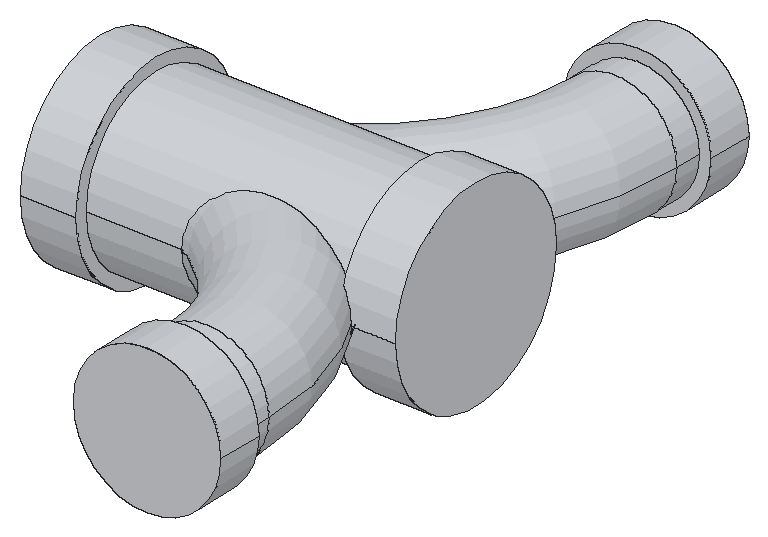
Revit family "M_T de redução com curva longa de esgoto duplo - PVC - Sch 40 - DWV", category Conexões de tubo, Revit 2019
Family settings
  Cota do conector redondo = Usar raio
  Tipo de parte = Cruzeta
  Número OmniClass = 23.60.30.11.14
  Título OmniClass = Pipework Fittings
  ID de item do Seek = Tee Reducing Long Sweep Double Sanitary - PVC - Sch 40 - DWV-0000-CAN-ENU
  Com base no plano de trabalho = Não
  Sempre na vertical = Sim
  Corte com vazios quando carregada = Não
  Compartilhado = Não
Parameters (values of type "Padrão")
  Espessura da parede 2 [instance] = size_lookup(Nome da tabela de pesquisa, "WThk", 0.02 * Diâmetro nominal 2 + 3.274 mm, Diâmetro nominal 2)  # 3.914 mm
  Espessura da parede 1 [instance] = size_lookup(Nome da tabela de pesquisa, "WThk", 0.02 * Diâmetro nominal 1 + 3.274 mm, Diâmetro nominal 1)  # 3.962 mm
  Tamanho da marca de cota 2 [instance] = Diâmetro externo da conexão 2 * 0.4  # 16.963 mm
  Tamanho da marca de cota 1 [instance] = Diâmetro externo da conexão 1 * 0.4  # 24.13 mm
  Raio externo do soquete 2 [instance] = Diâmetro externo do soquete 2 / 2  # 25.267 mm
  Raio externo do soquete 1 [instance] = Diâmetro externo do soquete 1 / 2  # 34.315 mm
  Diâmetro externo do soquete 2 [instance] = Diâmetro da entrada do soquete 2 + Espessura da parede 2 * 2  # 50.534 mm
  Diâmetro externo do soquete 1 [instance] = Diâmetro da entrada do soquete 1 + Espessura da parede 1 * 2  # 68.631 mm
  Diâmetro da entrada do soquete 2 [instance] = size_lookup(Nome da tabela de pesquisa, "SED", 1.04 * Diâmetro nominal 2 + 9.426 mm, Diâmetro nominal 2)  # 42.706 mm
  Diâmetro da entrada do soquete 1 [instance] = size_lookup(Nome da tabela de pesquisa, "SED", 1.04 * Diâmetro nominal 1 + 9.426 mm, Diâmetro nominal 1)  # 60.706 mm
  Profundidade do soquete 2 [instance] = size_lookup(Nome da tabela de pesquisa, "SDpt", 0.5 * Diâmetro nominal 2, Diâmetro nominal 2)  # 16 mm
  Profundidade do soquete 1 [instance] = size_lookup(Nome da tabela de pesquisa, "SDpt", 0.5 * Diâmetro nominal 1, Diâmetro nominal 1)  # 19.05 mm
  Execução do inferior do soquete até o inferior do soquete [instance] = size_lookup(Nome da tabela de pesquisa, "SBtSBR", 0.03 * Diâmetro nominal 1 + 1.96 * Diâmetro nominal 2 + 12.402 mm, Diâmetro nominal 1, Diâmetro nominal 2)  # 77.788 mm
  Raio 4 [instance] = Raio externo da conexão 2  # 21.204 mm
  Raio 3 [instance] = Raio externo da conexão 2  # 21.204 mm
  Raio 2 [instance] = Raio externo da conexão 2  # 21.204 mm
  Raio 1 [instance] = Raio externo da conexão 2  # 21.204 mm
  Raio nominal 2 [instance] = 16 mm
  Diâmetro nominal 2 [instance] = Raio nominal 2 * 2  # 32 mm
  Ângulo mínimo 12 [instance] = if(Ângulo 1 < Ângulo 2, Ângulo 1, Ângulo 2)  # 90.00°
  Método de perda = Não definido
  Nome da tabela de pesquisa = "M_Tee Reducing Long Sweep Double Sanitary - PVC - Sch 40 - DWV"
  Comprimento 9 [instance] = if(Comprimento 7 > Raio externo do soquete 1, Profundidade do soquete 2, if((Raio externo do soquete 2 * cos(Ângulo 2) + Raio externo do soquete 1 - Comprimento 5) / sin(Ângulo 2) > 3.175 mm, (Raio externo do soquete 2 * cos(Ângulo 2) + Raio externo do soquete 1 - Comprimento 5) / sin(Ângulo 2), 3.175 mm))  # 16 mm
  Comprimento 8 [instance] = if(Comprimento 6 > Raio externo do soquete 1, Profundidade do soquete 2, if((Raio externo do soquete 2 * cos(Ângulo 1) + Raio externo do soquete 1 - Comprimento 4) / sin(Ângulo 1) > 3.175 mm, (Raio externo do soquete 2 * cos(Ângulo 1) + Raio externo do soquete 1 - Comprimento 4) / sin(Ângulo 1), 3.175 mm))  # 16 mm
  Comprimento 7 [instance] = Comprimento 5 - Raio externo do soquete 2 * cos(Ângulo 2)  # 87.312 mm
  Comprimento 6 [instance] = Comprimento 4 - Raio externo do soquete 2 * cos(Ângulo 1)  # 87.312 mm
  Comprimento 5 [instance] = Raio do centro 2 * (1 - cos(Ângulo 2))  # 87.313 mm
  Comprimento 4 [instance] = Raio do centro 1 * (1 - cos(Ângulo 1))  # 87.313 mm
  Comprimento 3 [instance] = if(Execução do inferior do soquete até o inferior do soquete - Execução do centro até o soquete inferior > 3.175 mm, Execução do inferior do soquete até o inferior do soquete - Execução do centro até o soquete inferior, 3.175 mm)  # 3.175 mm
  Comprimento 2 [instance] = 0 mm  # constant formula
  Comprimento 19 [instance] = if(Comprimento 9 = Profundidade do soquete 2, if(Ângulo 2 = 90.00°, -Execução do centro até o soquete inferior + Centro para ramificação inferior do soquete + Profundidade do soquete 2, Profundidade do soquete 2), Profundidade do soquete 2 + Comprimento 9)  # 25.525 mm
  Comprimento 18 [instance] = if(Comprimento 8 = Profundidade do soquete 2, if(Ângulo 1 = 90.00°, -Execução do centro até o soquete inferior + Centro para ramificação inferior do soquete + Profundidade do soquete 2, Profundidade do soquete 2), Profundidade do soquete 2 + Comprimento 8)  # 25.525 mm
  Comprimento 17 [instance] = Comprimento 12 + 4572 mm  # 4659.312 mm
  Comprimento 16 [instance] = Comprimento 10 + 4572 mm  # 4659.312 mm
  Comprimento 15 [instance] = if(Ângulo mínimo 12 < 90.00°, if(Legenda da execução do centro até o soquete inferior + Comprimento 3 > Comprimento 14, Comprimento 3, Comprimento 14 - Legenda da execução do centro até o soquete inferior), Comprimento 3)  # 3.175 mm
  Comprimento 14 [instance] = if(Comprimento 10 > Comprimento 12, Comprimento 10 - cos(Ângulo 1) * Profundidade do soquete 2 + Raio externo do soquete 2 * sin(Ângulo 1), Comprimento 12 - cos(Ângulo 2) * Profundidade do soquete 2 + Raio externo do soquete 2 * sin(Ângulo 2))  # 112.58 mm
  Comprimento 13 [instance] = Comprimento 5 + (Comprimento 19) * sin(Ângulo 2)  # 112.838 mm
  Comprimento 12 [instance] = if(Comprimento 7 > Raio externo do soquete 1, Raio do centro 2 * sin(Ângulo 2) + Profundidade do soquete 2 * cos(Ângulo 2), Raio do centro 2 * sin(Ângulo 2) + (Comprimento 9 + Profundidade do soquete 2) * cos(Ângulo 2))  # 87.313 mm
  Comprimento 11 [instance] = Comprimento 4 + (Comprimento 18) * sin(Ângulo 1)  # 112.838 mm
  Comprimento 10 [instance] = if(Comprimento 6 > Raio externo do soquete 1, Raio do centro 1 * sin(Ângulo 1) + Profundidade do soquete 2 * cos(Ângulo 1), Raio do centro 1 * sin(Ângulo 1) + (Comprimento 8 + Profundidade do soquete 2) * cos(Ângulo 1))  # 87.313 mm
  Comprimento 1 [instance] = if(Raio externo da conexão 2 * tan(Ângulo 1 / 2) > Raio externo da conexão 2 * tan(Ângulo 2 / 2), Raio externo da conexão 2 * tan(Ângulo 1 / 2), Raio externo da conexão 2 * tan(Ângulo 2 / 2))  # 21.204 mm
  Raio do centro 1 [instance] = Legenda da execução do centro até o soquete inferior / tan(Ângulo 1 / 2)  # 87.313 mm
  Raio nominal 1 [instance] = 25 mm
  Diâmetro nominal 1 [instance] = Raio nominal 1 * 2  # 50 mm
  Raio do centro 2 [instance] = Legenda da execução do centro até o soquete inferior / tan(Ângulo 2 / 2)  # 87.313 mm
  Legenda da execução do centro até o soquete inferior [instance] = if(Comprimento 1 < Execução do centro até o soquete inferior, Execução do centro até o soquete inferior, Comprimento 1 + 3.175 mm)  # 87.313 mm
  Raio externo da conexão 2 [instance] = Diâmetro externo da conexão 2 / 2  # 21.204 mm
  Raio externo da conexão 1 [instance] = Diâmetro externo da conexão 1 / 2  # 30.163 mm
  Diâmetro externo da conexão 2 [instance] = size_lookup(Nome da tabela de pesquisa, "FOD", 1.04 * Diâmetro nominal 2 + 9.128 mm, Diâmetro nominal 2)  # 42.408 mm
  Diâmetro externo da conexão 1 [instance] = size_lookup(Nome da tabela de pesquisa, "FOD", 1.04 * Diâmetro nominal 1 + 9.128 mm, Diâmetro nominal 1)  # 60.325 mm
  Execução do centro até o soquete inferior [instance] = size_lookup(Nome da tabela de pesquisa, "CtSBR", -0.012 * Diâmetro nominal 1 + 2.43 * Diâmetro nominal 2 + 8.93 mm, Diâmetro nominal 1, Diâmetro nominal 2)  # 87.313 mm
  Centro para ramificação inferior do soquete [instance] = size_lookup(Nome da tabela de pesquisa, "CtSBB", 0.48 * Diâmetro nominal 1 + 1.92 * Diâmetro nominal 2 + 9.624 mm, Diâmetro nominal 1, Diâmetro nominal 2)  # 96.838 mm
  Ângulo 2 [instance] = 90.00°
  Ângulo 1 [instance] = 90.00°
Reference planes
  plane 1 "Centro (Frente/Trás)": y = 0
  plane 2: z = 0
  plane 3 "Centro (Esquerda/Direita)": x = 0
  plane 4: x = -87.312
  plane 5: y = 87.312
  plane 6: y = -87.313
  plane 7: x = -87.312
  plane 8: x = 3.175
  plane 9: x = -106.362
  plane 10: x = 22.225
  plane 11: x = -4659.312
  plane 12: y = -112.838
  plane 13: x = 0
  plane 14: y = 112.837
  plane 15: x = 0
Forms (mm)
  Sweep 1, solid, detail levels fine
    path in 3D
      loop
        line (3.175, 0, 0) -> (22.225, 0, 0)
    profile origin (12.7, 0, 0) x (0, 1, 0) y (0, 0, 1)
      loop
        circle (0, 0) r 34.315
  Blend 2, solid, detail levels fine
    base sketch origin (0, 0, 0) x (0, 1, 0) y (0, 0, 1)
      loop
        circle (0, 0) r 30.163
    top sketch origin (0, 0, 0) x (0, 1, 0) y (0, 0, 1)
      loop
        circle (0, 0) r 30.163
    from -87.313 to 3.175
  Sweep 3, solid, detail levels fine
    path in 3D
      loop
        arc (-87.312, 0, 0) -> (-25.573, -25.573, 0) -> (0, -87.313, 0) r 87.312
    profile origin (-25.573, -25.573, 0) x (0.707107, 0.707107, 0) y (0, 0, 1)
      loop
        circle (0, 0) r 21.204
  Sweep 4, solid, detail levels fine
    path in 3D
      loop
        arc (-87.312, 0, 0) -> (-25.573, 25.573, 0) -> (0, 87.312, 0) r 87.313
    profile origin (-25.573, 25.573, 0) x (-0.707107, 0.707107, 0) y (0, 0, 1)
      loop
        circle (0, 0) r 21.204
  Sweep 5, solid, detail levels fine
    path in 3D
      loop
        line (0, 112.837, 0) -> (0, 87.312, 0)
    profile origin (0, 100.075, 0) x (1, 0, 0) y (0, 0, 1)
      loop
        circle (0, 0) r 21.204
  Sweep 6, solid, detail levels fine
    path origin (0, 0, 0) x (1, 0, 0) y (0, 1, 0)
      loop
        line (0, 112.837) -> (0, 96.837)
    profile origin (0, 104.837, 0) x (1, 0, 0) y (0, 0, 1)
      loop
        circle (0, 0) r 25.267
  Sweep 7, solid, detail levels fine
    path in 3D
      loop
        line (0, -112.838, 0) -> (0, -87.313, 0)
    profile origin (0, -100.075, 0) x (-1, 0, 0) y (0, 0, 1)
      loop
        circle (0, 0) r 21.204
  Sweep 8, solid, detail levels fine
    path origin (0, 0, 0) x (1, 0, 0) y (0, 1, 0)
      loop
        line (0, -112.838) -> (0, -96.838)
    profile origin (0, -104.838, 0) x (-1, 0, 0) y (0, 0, 1)
      loop
        circle (0, 0) r 25.267
  Sweep 9, solid, detail levels fine
    path in 3D
      loop
        line (-106.362, 0, 0) -> (-87.312, 0, 0)
    profile origin (-96.837, 0, 0) x (0, 1, 0) y (0, 0, 1)
      loop
        circle (0, 0) r 34.315
Cuts and joins
  joined: Sweep 1, Blend 2, Sweep 9
  joined: Sweep 4, Sweep 5, Sweep 6
  joined: Sweep 3, Sweep 7, Sweep 8
Lines and regions (mm)
  model lines, detail levels coarse+medium
    curve 1: line (3.175, 0, 0) -> (22.225, 0, 0)
    curve 3: line (-106.362, 0, 0) -> (-106.362, 24.13, 0)
    curve 4: line (-106.362, 0, 0) -> (-106.362, -24.13, 0)
    curve 5: line (22.225, 0, 0) -> (22.225, 24.13, 0)
    curve 6: line (22.225, 0, 0) -> (22.225, -24.13, 0)
    curve 8: line (-106.362, 0, 0) -> (-87.312, 0, 0)
    curve 9: line (-87.312, 0, 0) -> (3.175, 0, 0)
    curve 10: arc (-87.312, 0, 0) -> (-25.573, -25.573, 0) -> (0, -87.313, 0) r 87.312
    curve 11: line (0, -112.838, 0) -> (0, -87.313, 0)
    curve 12: arc (-87.312, 0, 0) -> (-25.573, 25.573, 0) -> (0, 87.312, 0) r 87.313
    curve 13: line (0, -112.838, 0) -> (16.963, -112.838, 0)
    curve 14: line (0, -112.838, 0) -> (-16.963, -112.838, 0)
    curve 15: line (0, 112.837, 0) -> (0, 87.312, 0)
    curve 16: line (0, 112.837, 0) -> (16.963, 112.837, 0)
    curve 17: line (0, 112.837, 0) -> (-16.963, 112.837, 0)
  sketch lines
    curve 2: line (3.175, 0, 0) -> (22.225, 0, 0)
    curve 18: arc (-87.312, 0, 0) -> (-25.573, -25.573, 0) -> (0, -87.313, 0) r 87.312
    curve 19: arc (-87.312, 0, 0) -> (-25.573, 25.573, 0) -> (0, 87.312, 0) r 87.313
    curve 20: line (0, 112.837, 0) -> (0, 87.312, 0)
    curve 21: line (0, -112.838, 0) -> (0, -87.313, 0)
    curve 22: line (-106.362, 0, 0) -> (-87.312, 0, 0)
  reference lines
    curve 7: line (-106.362, 0, 0) -> (-87.312, 0, 0)
Dimensions and locks
  "Legenda da execução do centro até o soquete inferior": plane 4 to plane 3 "Centro (Esquerda/Direita)"
  "Raio do centro 2": plane 5 to plane 1 "Centro (Frente/Trás)"
  "Raio do centro 1": plane 6 to plane 1 "Centro (Frente/Trás)"
  "Profundidade do soquete 1": plane 10 to plane 8
  "Profundidade do soquete 1": plane 9 to plane 7
  "Comprimento 2": plane 7 to plane 4
  "Comprimento 15": plane 3 "Centro (Esquerda/Direita)" to plane 8
  "Tamanho da marca de cota 1": plane 1 "Centro (Frente/Trás)" to curve 3
  "Tamanho da marca de cota 1": curve 4 to plane 1 "Centro (Frente/Trás)"
  equal spacing: curve 6, plane 1 "Centro (Frente/Trás)", curve 5
  "Tamanho da marca de cota 1": curve 6 to plane 1 "Centro (Frente/Trás)"
  "Comprimento 11": plane 12 to plane 1 "Centro (Frente/Trás)"
  "Comprimento 13": plane 14 to plane 1 "Centro (Frente/Trás)"
  locked: plane 11 to plane 4 at 4572
  "Comprimento 17": plane 11 to plane 15
  "Comprimento 16": plane 11 to plane 13
  "Comprimento 18": curve 11 to curve 11
  "Tamanho da marca de cota 2": curve 13 to curve 13
  "Tamanho da marca de cota 2": curve 14 to curve 14
  "Comprimento 19": curve 15 to curve 15
  "Tamanho da marca de cota 2": curve 16 to curve 16
  "Tamanho da marca de cota 2": curve 17 to curve 17
  "Profundidade do soquete 2": Sweep 6 sketch curve to Sweep 6 sketch curve
  "Profundidade do soquete 2": Sweep 8 sketch curve to Sweep 8 sketch curve
  "Raio externo do soquete 1": radius of Sweep 1 sketch curve
  "Raio externo da conexão 1": radius of Blend 2 sketch curve  (x2)
  "Raio externo da conexão 2": radius of Sweep 3 sketch curve
  "Raio externo da conexão 2": radius of Sweep 4 sketch curve
  "Raio externo da conexão 2": radius of Sweep 5 sketch curve
  "Raio externo do soquete 2": radius of Sweep 6 sketch curve
  "Raio externo da conexão 2": radius of Sweep 7 sketch curve
  "Raio externo do soquete 2": radius of Sweep 8 sketch curve
  "Raio externo do soquete 1": radius of Sweep 9 sketch curve
  "Ângulo 1": angle curve 10 to curve 10
  "Ângulo 1": angle curve 11 to plane 12
  "Ângulo 2": angle curve 12 to curve 12
  locked: curve 13 to curve 11 (angle 90.00°)
  locked: curve 11 to curve 14 (angle 90.00°)
  "Ângulo 2": angle plane 14 to curve 15
  locked: curve 15 to curve 16 (angle 90.00°)
  locked: curve 17 to curve 15 (angle 90.00°)
  "Ângulo 2": angle plane 14 to Sweep 6 sketch curve
  "Ângulo 1": angle Sweep 8 sketch curve to plane 12
  aligned and locked: plane 1 "Centro (Frente/Trás)" to curve 1
  aligned and locked: plane 10 to curve 1
  aligned and locked: level to Blend 2 sketch curve  (x2)
  aligned and locked: plane 1 "Centro (Frente/Trás)" to Blend 2 sketch curve  (x2)
  aligned and locked: Blend 2 to plane 7
  aligned and locked: plane 8 to Blend 2
  aligned and locked: plane 9 to curve 7
  aligned and locked: plane 1 "Centro (Frente/Trás)" to curve 7
  aligned and locked: plane 9 to curve 8
  aligned and locked: plane 7 to curve 8
  aligned and locked: plane 1 "Centro (Frente/Trás)" to curve 8
  aligned and locked: plane 8 to curve 9
  aligned and locked: plane 1 "Centro (Frente/Trás)" to curve 9
  aligned and locked: plane 6 to curve 10
  aligned and locked: plane 12 to curve 11
  aligned and locked: plane 13 to curve 11
  aligned and locked: plane 4 to curve 12
  aligned and locked: plane 14 to curve 15
  aligned and locked: plane 15 to curve 15
  aligned and locked: plane 14 to Sweep 6 sketch curve
  aligned and locked: plane 12 to Sweep 8 sketch curve
  aligned and locked: plane 13 to Sweep 8 sketch curve
Automatic sketch dimensions
  curve 7 to plane 4 = 0 mm
  Sweep 1 sketch curve to profile plane = 0 mm  (x2)
  Sweep 3 sketch curve to profile plane = 0 mm  (x2)
  Sweep 4 sketch curve to profile plane = 0 mm
  profile plane to Sweep 4 sketch curve = 0 mm
  profile plane to Sweep 5 sketch curve = 0 mm
  Sweep 5 sketch curve to profile plane = 0 mm
  Sweep 6 sketch curve to plane 3 "Centro (Esquerda/Direita)" = 0 mm
  Sweep 6 sketch curve to level = 0 mm
  profile plane to Sweep 6 sketch curve = 0 mm
  Sweep 7 sketch curve to profile plane = 0 mm  (x2)
  Sweep 8 sketch curve to level = 0 mm
  Sweep 8 sketch curve to profile plane = 0 mm
  Sweep 9 sketch curve to profile plane = 0 mm  (x2)
Connectors
  piping at (-106.362, 0, 0), diameter 50, driven by "Raio nominal 1"
    settings: on cut or joined group of Sweep 1, Blend 2, Sweep 9, index 1, connector inside diameter 50 mm, connector length 0 mm, flow factor 0, pipe flow 0.0 L/s, pressure drop 0.0 Pa, fitting loss kfactor 0, connector angle 0.00°, fixture units 0, engagement length 0 mm, angle of deflection 0.00°, flow configuration 0, flow direction 0, fitting loss method 0, system type 28, joint type 0, gender type 0, connector reference index 2, connector utility 0, adjustable connector no, is connector primary yes, connector description ""
  piping at (22.225, 0, 0), diameter 50, driven by "Raio nominal 1"
    settings: on cut or joined group of Sweep 1, Blend 2, Sweep 9, index 2, connector inside diameter 50 mm, connector length 0 mm, flow factor 0, pipe flow 0.0 L/s, pressure drop 0.0 Pa, fitting loss kfactor 0, connector angle 0.00°, fixture units 0, engagement length 0 mm, angle of deflection 0.00°, flow configuration 0, flow direction 0, fitting loss method 0, system type 28, joint type 0, gender type 0, connector reference index 1, connector utility 0, adjustable connector no, is connector primary no, connector description ""
  piping at (0, 112.837, 0), diameter 32, driven by "Raio nominal 2", driven by "Ângulo 2"
    settings: on cut or joined group of Sweep 4, Sweep 5, Sweep 6, index 3, connector inside diameter 32 mm, connector length 0 mm, flow factor 0, pipe flow 0.0 L/s, pressure drop 0.0 Pa, fitting loss kfactor 0, connector angle 90.00°, fixture units 0, engagement length 0 mm, angle of deflection 0.00°, flow configuration 0, flow direction 0, fitting loss method 0, system type 28, joint type 0, gender type 0, connector reference index -1, connector utility 0, adjustable connector no, is connector primary no, connector description ""
  piping at (0, -112.838, 0), diameter 32, driven by "Raio nominal 2", driven by "Ângulo 1"
    settings: on cut or joined group of Sweep 3, Sweep 7, Sweep 8, index 4, connector inside diameter 32 mm, connector length 0 mm, flow factor 0, pipe flow 0.0 L/s, pressure drop 0.0 Pa, fitting loss kfactor 0, connector angle 90.00°, fixture units 0, engagement length 0 mm, angle of deflection 0.00°, flow configuration 0, flow direction 0, fitting loss method 0, system type 28, joint type 0, gender type 0, connector reference index -1, connector utility 0, adjustable connector no, is connector primary no, connector description ""
